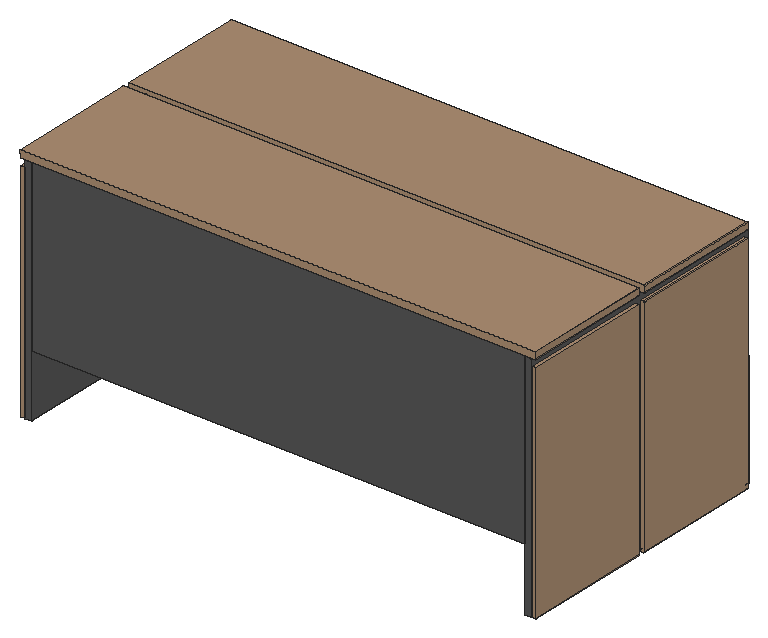
Revit family "Sanitary_Compound-Units_hansgrohe_54303XXX-Xilesa-E-Vanity-unit_1180-550_2-drawers_wash-bowl-countertop-basin", category Furniture, host Face, Revit 2022
Family settings
  Host = Face
  OmniClass Number = 23.21.19.15.33.13
  OmniClass Title = Residential Bathroom Specialty Casework
  Cut with Voids When Loaded = No
  Render Appearance Source = Family Geometry
  Shared = No
  Room Calculation Point = No
Parameters (values of type "550 Cashmere Oak")
  Version = 1  # constant formula
  URL = "https://www.hansgrohe.com/"
  Product data url = "https://www.bimobject.com/en/hansgrohe/product/54303XXX"
  Product Page URL = "https://www.hansgrohe.com/articledetail--54303550"
  Model = "54303XXX"  # constant formula
  Material 3 = Hansgrohe - Metal - Black
  Material 2 = Hansgrohe - MDF - Matt Black
  Material 1 = Hansgrohe - MDF - 550 Cashmere Oak
  Manufacturer = "Hansgrohe"  # constant formula
  Height = 0 mm
  Description = "Xilesa E Vanity unit 1180/550 with 2 drawers for consoles for wash bowl/countertop basin ground"  # constant formula
  Default Elevation = 0 mm
  Date Updated = ""
  Date Created = "2024/02/03"  # constant formula
Types (5, lengths in mm): name | Material 1
  (no name) | Hansgrohe - MDF - 550 Cashmere Oak
  550 Cashmere Oak | Hansgrohe - MDF - 550 Cashmere Oak
  700 Matt White | Hansgrohe - MDF - 700 Matt White
  760 Slate Matt Grey | Hansgrohe - MDF - 760 Slate Matt Grey
  780 Sand Matt Beige | Hansgrohe - MDF - 780 Sand Matt Beige
Reference planes
  plane 1 "Center (Front/Back)": y = 0
  plane 2: z = 0
  plane 3 "Center (Left/Right)": x = 0
  plane 4: x = -590
  plane 5: x = 590
  plane 6: y = -620
  plane 7: z = 548
Dimensions and locks
  aligned and locked: plane 2 to host face
  aligned and locked: level to host face
Nested families
  nested 1: "54303XXX" at (0, -620, 0) x (1, 0, 0) z (0, 1, 0), Material 1 <- "Material 1", Material 2 <- "Material 2", Material 3 <- "Material 3", type "54303XXX"
    with Material 3 Hansgrohe - Metal - Black, Material 2 Hansgrohe - MDF - Matt Black, Material 1 Hansgrohe - MDF - 550 Cashmere Oak
Definition of nested family "54303XXX"
  Parameters (values of type "54303XXX")
    Version = 1  # constant formula
    URL = "https://www.hansgrohe.com/"
    Product data url = "https://www.bimobject.com/en/hansgrohe/product/54303XXX"
    Product Page URL = "https://www.hansgrohe.com/articledetail--54303550"
    Model = "54303XXX"  # constant formula
    Material 3 [instance] = none
    Material 2 [instance] = none
    Material 1 [instance] = none
    Manufacturer = "Hansgrohe"  # constant formula
    Description = "Xilesa E Vanity unit 1180/550 with 2 drawers for consoles for wash bowl/countertop basin ground"  # constant formula
    Default Elevation = 1219.2 mm
    Date Updated = ""
    Date Created = "2024/12/16"  # constant formula
  Reference planes
    plane 1 "Center (Front/Back)": y = 0
    plane 2: z = 0
    plane 3 "Center (Left/Right)": x = 0
  Forms (mm)
    Extrusion 1, solid, material <- "Material 1", detail levels medium+fine
      sketch origin (0, 0, 0) x (1, 0, 0) y (0, 1, 0)
        loop
          line (-580.6, 0) -> (-589.2, 0)
          arc (-589.2, 0) -> (-589.766, -0.234) -> (-590, -0.8) r 0.8
          line (-590, -0.8) -> (-590, -513.9)
          arc (-590, -513.9) -> (-589.766, -514.466) -> (-589.2, -514.7) r 0.8
          line (-589.2, -514.7) -> (-580.6, -514.7)
          arc (-580.6, -514.7) -> (-580.034, -514.466) -> (-579.8, -513.9) r 0.8
          line (-579.8, -513.9) -> (-579.8, -0.8)
          arc (-579.8, -0.8) -> (-580.034, -0.234) -> (-580.6, 0) r 0.8
        loop
          arc (580.6, 0) -> (580.034, -0.234) -> (579.8, -0.8) r 0.8
          line (579.8, -0.8) -> (579.8, -513.9)
          arc (579.8, -513.9) -> (580.034, -514.466) -> (580.6, -514.7) r 0.8
          line (580.6, -514.7) -> (589.2, -514.7)
          arc (589.2, -514.7) -> (589.766, -514.466) -> (590, -513.9) r 0.8
          line (590, -513.9) -> (590, -0.8)
          arc (590, -0.8) -> (589.766, -0.234) -> (589.2, 0) r 0.8
          line (589.2, 0) -> (580.6, 0)
      from 0 to 295
    Extrusion 2, solid, material <- "Material 1", detail levels medium+fine
      sketch origin (0, -170, 0) x (1, 0, 0) y (0, 1, 0)
        loop
          line (-589.2, -378) -> (589.2, -378)
          arc (589.2, -378) -> (589.766, -377.766) -> (590, -377.2) r 0.8
          line (590, -377.2) -> (590, -362.5)
          arc (590, -362.5) -> (589.766, -361.934) -> (589.2, -361.7) r 0.8
          line (589.2, -361.7) -> (-589.2, -361.7)
          arc (-589.2, -361.7) -> (-589.766, -361.934) -> (-590, -362.5) r 0.8
          line (-590, -362.5) -> (-590, -377.2)
          arc (-590, -377.2) -> (-589.766, -377.766) -> (-589.2, -378) r 0.8
      from 0 to 295
    Extrusion 3, solid, material <- "Material 2", detail levels medium+fine
      sketch origin (0, 0, 0) x (1, 0, 0) y (0, 1, 0)
        loop
          line (-579.8, -0.8) -> (-579.8, -528.9)
          arc (-579.8, -528.9) -> (-579.566, -529.466) -> (-579, -529.7) r 0.8
          line (-579, -529.7) -> (-564.6, -529.7)
          arc (-564.6, -529.7) -> (-564.034, -529.466) -> (-563.8, -528.9) r 0.8
          line (-563.8, -528.9) -> (-563.8, -0.8)
          arc (-563.8, -0.8) -> (-564.034, -0.234) -> (-564.6, 0) r 0.8
          line (-564.6, 0) -> (-579, 0)
          arc (-579, 0) -> (-579.566, -0.234) -> (-579.8, -0.8) r 0.8
        loop
          arc (579.8, -0.8) -> (579.566, -0.234) -> (579, 0) r 0.8
          line (579, 0) -> (564.6, 0)
          arc (564.6, 0) -> (564.034, -0.234) -> (563.8, -0.8) r 0.8
          line (563.8, -0.8) -> (563.8, -528.9)
          arc (563.8, -528.9) -> (564.034, -529.466) -> (564.6, -529.7) r 0.8
          line (564.6, -529.7) -> (579, -529.7)
          arc (579, -529.7) -> (579.566, -529.466) -> (579.8, -528.9) r 0.8
          line (579.8, -528.9) -> (579.8, -0.8)
      from 0 to 620
    Extrusion 4, solid, material <- "Material 2", detail levels fine
      sketch origin (0, -80, 0) x (1, 0, 0) y (0, 1, 0)
        loop
          line (-563.8, -65.2) -> (-563.8, -81.2) -> (563.8, -81.2) -> (563.8, -65.2) -> (-563.8, -65.2)
      from 17 to 125
    Extrusion 5, solid, material <- "Material 2", detail levels fine
      sketch origin (0, -80, 0) x (1, 0, 0) y (0, 1, 0)
        loop
          line (-563.8, -64.7) -> (-563.8, -451.7) -> (563.8, -451.7) -> (563.8, -64.7) -> (-563.8, -64.7)
      from 1 to 17
    Extrusion 6, solid, material <- "Material 3", detail levels fine
      sketch origin (0, -170, 0) x (1, 0, 0) y (0, 1, 0)
        loop
          line (-562.3, -356.9) -> (-562.3, -329.2) -> (-563.8, -329.2) -> (-563.8, -356.9)
          arc (-563.8, -356.9) -> (-563.126, -358.527) -> (-561.5, -359.2) r 2.3
          line (-561.5, -359.2) -> (561.5, -359.2)
          arc (561.5, -359.2) -> (563.126, -358.527) -> (563.8, -356.9) r 2.3
          line (563.8, -356.9) -> (563.8, -329.2) -> (562.3, -329.2) -> (562.3, -356.9)
          arc (562.3, -356.9) -> (562.066, -357.466) -> (561.5, -357.7) r 0.8
          line (561.5, -357.7) -> (-561.5, -357.7)
          arc (-561.5, -357.7) -> (-562.066, -357.466) -> (-562.3, -356.9) r 0.8
      from 569.5 to 619.5
    Extrusion 7, solid, material <- "Material 3", detail levels fine
      sketch origin (350, -80, 1) x (1, 0, 0) y (0, 0, 1)
        loop
          line (198.3, 213.03) -> (198.3, 231.03) -> (183.3, 231.03) -> (183.3, 224.03) -> (192.95, 224.03) -> (192.95, 213.03) -> (198.3, 213.03)
      from 88.7 to 361.7
    Extrusion 8, solid, material <- "Material 3", detail levels fine
      sketch origin (350, -80, 1) x (1, 0, 0) y (0, 0, 1)
        loop
          line (200.05, 211.28) -> (200.05, 232.78) -> (181.55, 232.78) -> (181.55, 211.28) -> (200.05, 211.28)
      from 451.7 to 361.7
    Extrusion 9, solid, material <- "Material 3", detail levels fine
      sketch origin (0, -80, 1) x (1, 0, 0) y (0, 0, 1)
        loop
          line (-542.5, 223.8) -> (-542.5, 113.608) -> (-548.2, 97.947) -> (-548.2, 48) -> (-519.9, 48) -> (-519.9, 223.8) -> (-542.5, 223.8)
        loop
          line (542.5, 223.8) -> (519.9, 223.8) -> (519.9, 48) -> (548.2, 48) -> (548.2, 97.947) -> (542.5, 113.608) -> (542.5, 223.8)
      from 91.9 to 109.4
    Extrusion 10, void
      sketch origin (0, -80, 1) x (1, 0, 0) y (0, 0, 1)
        loop
          line (-541.5, 222.8) -> (-541.5, 113.431) -> (-547.2, 97.771) -> (-547.2, 49) -> (-520.9, 49) -> (-520.9, 222.8) -> (-541.5, 222.8)
        loop
          line (541.5, 222.8) -> (520.9, 222.8) -> (520.9, 49) -> (547.2, 49) -> (547.2, 97.771) -> (541.5, 113.431) -> (541.5, 222.8)
      from 91.9 to 108.7
    Extrusion 11, solid, material <- "Material 2", detail levels fine
      sketch origin (0, -80, 0) x (0, 1, 0) y (0, 0, 1)
        loop
          line (-92.7, 35.48) -> (-92.7, 114.5)
          arc (-92.7, 114.5) -> (-92.847, 114.854) -> (-93.2, 115) r 0.5
          line (-93.2, 115) -> (-108.2, 115)
          arc (-108.2, 115) -> (-108.554, 114.854) -> (-108.7, 114.5) r 0.5
          line (-108.7, 114.5) -> (-108.7, 35.48)
          arc (-108.7, 35.48) -> (-108.554, 35.126) -> (-108.2, 34.98) r 0.5
          line (-108.2, 34.98) -> (-93.2, 34.98)
          arc (-93.2, 34.98) -> (-92.847, 35.126) -> (-92.7, 35.48) r 0.5
      from -520 to 520
    Extrusion 12, solid, material <- "Material 3", detail levels fine
      sketch origin (-350, -80, 1) x (-1, 0, 0) y (0, 0, -1)
        loop
          line (198.3, -213.03) -> (192.95, -213.03) -> (192.95, -224.03) -> (183.3, -224.03) -> (183.3, -231.03) -> (198.3, -231.03) -> (198.3, -213.03)
      from 88.7 to 361.7
    Extrusion 13, solid, material <- "Material 3", detail levels fine
      sketch origin (-350, -80, 1) x (-1, 0, 0) y (0, 0, -1)
        loop
          line (200.05, -211.28) -> (181.55, -211.28) -> (181.55, -232.78) -> (200.05, -232.78) -> (200.05, -211.28)
      from 451.7 to 361.7
    Extrusion 14, solid, material <- "Material 1", detail levels coarse
      sketch origin (0, 0, 0) x (1, 0, 0) y (0, 1, 0)
        loop
          line (-590, -548) -> (590, -548) -> (590, 0) -> (563.8, 0) -> (563.8, -531.7) -> (-563.8, -531.7) -> (-563.8, 0) -> (-590, 0) -> (-590, -548)
      from 0 to 620
    Extrusion 15, solid, material <- "Material 1", detail levels medium+fine
      sketch origin (0, 0, 0) x (1, 0, 0) y (0, 1, 0)
        loop
          line (-580.6, 0) -> (-589.2, 0)
          arc (-589.2, 0) -> (-589.766, -0.234) -> (-590, -0.8) r 0.8
          line (-590, -0.8) -> (-590, -513.9)
          arc (-590, -513.9) -> (-589.766, -514.466) -> (-589.2, -514.7) r 0.8
          line (-589.2, -514.7) -> (-580.6, -514.7)
          arc (-580.6, -514.7) -> (-580.034, -514.466) -> (-579.8, -513.9) r 0.8
          line (-579.8, -513.9) -> (-579.8, -0.8)
          arc (-579.8, -0.8) -> (-580.034, -0.234) -> (-580.6, 0) r 0.8
        loop
          arc (580.6, 0) -> (580.034, -0.234) -> (579.8, -0.8) r 0.8
          line (579.8, -0.8) -> (579.8, -513.9)
          arc (579.8, -513.9) -> (580.034, -514.466) -> (580.6, -514.7) r 0.8
          line (580.6, -514.7) -> (589.2, -514.7)
          arc (589.2, -514.7) -> (589.766, -514.466) -> (590, -513.9) r 0.8
          line (590, -513.9) -> (590, -0.8)
          arc (590, -0.8) -> (589.766, -0.234) -> (589.2, 0) r 0.8
          line (589.2, 0) -> (580.6, 0)
      from 310 to 605
    Extrusion 16, solid, material <- "Material 1", detail levels medium+fine
      sketch origin (0, -170, 0) x (1, 0, 0) y (0, 1, 0)
        loop
          line (-589.2, -378) -> (589.2, -378)
          arc (589.2, -378) -> (589.766, -377.766) -> (590, -377.2) r 0.8
          line (590, -377.2) -> (590, -362.5)
          arc (590, -362.5) -> (589.766, -361.934) -> (589.2, -361.7) r 0.8
          line (589.2, -361.7) -> (-589.2, -361.7)
          arc (-589.2, -361.7) -> (-589.766, -361.934) -> (-590, -362.5) r 0.8
          line (-590, -362.5) -> (-590, -377.2)
          arc (-590, -377.2) -> (-589.766, -377.766) -> (-589.2, -378) r 0.8
      from 310 to 605
    Extrusion 17, solid, material <- "Material 2", detail levels fine
      sketch origin (0, -80, 311) x (1, 0, 0) y (0, 0, 1)
        loop
          line (-522.898, 33.98) -> (522.898, 33.98) -> (522.898, 48.98) -> (-522.898, 48.98) -> (-522.898, 33.98)
      from 109.4 to 451.7
    Extrusion 18, solid, material <- "Material 3", detail levels fine
      sketch origin (350, -80, 311) x (1, 0, 0) y (0, 0, 1)
        loop
          line (198.3, 213.03) -> (198.3, 231.03) -> (183.3, 231.03) -> (183.3, 224.03) -> (192.95, 224.03) -> (192.95, 213.03) -> (198.3, 213.03)
      from 88.7 to 361.7
    Extrusion 19, solid, material <- "Material 3", detail levels fine
      sketch origin (350, -80, 311) x (1, 0, 0) y (0, 0, 1)
        loop
          line (200.05, 211.28) -> (200.05, 232.78) -> (181.55, 232.78) -> (181.55, 211.28) -> (200.05, 211.28)
      from 451.7 to 361.7
    Extrusion 20, solid, material <- "Material 3", detail levels fine
      sketch origin (0, -80, 311) x (1, 0, 0) y (0, 0, 1)
        loop
          line (-542.5, 223.8) -> (-542.5, 113.608) -> (-548.2, 97.947) -> (-548.2, 48) -> (-519.9, 48) -> (-519.9, 223.8) -> (-542.5, 223.8)
        loop
          line (542.5, 223.8) -> (519.9, 223.8) -> (519.9, 48) -> (548.2, 48) -> (548.2, 97.947) -> (542.5, 113.608) -> (542.5, 223.8)
      from 91.9 to 109.4
    Extrusion 21, void
      sketch origin (0, -80, 311) x (1, 0, 0) y (0, 0, 1)
        loop
          line (-541.5, 222.8) -> (-541.5, 113.431) -> (-547.2, 97.771) -> (-547.2, 49) -> (-520.9, 49) -> (-520.9, 222.8) -> (-541.5, 222.8)
        loop
          line (541.5, 222.8) -> (520.9, 222.8) -> (520.9, 49) -> (547.2, 49) -> (547.2, 97.771) -> (541.5, 113.431) -> (541.5, 222.8)
      from 91.9 to 108.7
    Extrusion 22, solid, material <- "Material 3", detail levels fine
      sketch origin (-350, -80, 311) x (-1, 0, 0) y (0, 0, -1)
        loop
          line (198.3, -213.03) -> (192.95, -213.03) -> (192.95, -224.03) -> (183.3, -224.03) -> (183.3, -231.03) -> (198.3, -231.03) -> (198.3, -213.03)
      from 88.7 to 361.7
    Extrusion 23, solid, material <- "Material 3", detail levels fine
      sketch origin (-350, -80, 311) x (-1, 0, 0) y (0, 0, -1)
        loop
          line (200.05, -211.28) -> (181.55, -211.28) -> (181.55, -232.78) -> (200.05, -232.78) -> (200.05, -211.28)
      from 451.7 to 361.7
    Extrusion 24, solid, material <- "Material 3", detail levels fine
      sketch origin (0, -170, 0) x (1, 0, 0) y (0, 1, 0)
        loop
          line (-562.3, -356.9) -> (-562.3, -329.2) -> (-563.8, -329.2) -> (-563.8, -356.9)
          arc (-563.8, -356.9) -> (-563.126, -358.527) -> (-561.5, -359.2) r 2.3
          line (-561.5, -359.2) -> (561.5, -359.2)
          arc (561.5, -359.2) -> (563.126, -358.527) -> (563.8, -356.9) r 2.3
          line (563.8, -356.9) -> (563.8, -329.2) -> (562.3, -329.2) -> (562.3, -356.9)
          arc (562.3, -356.9) -> (562.066, -357.466) -> (561.5, -357.7) r 0.8
          line (561.5, -357.7) -> (-561.5, -357.7)
          arc (-561.5, -357.7) -> (-562.066, -357.466) -> (-562.3, -356.9) r 0.8
      from 277 to 327
    Extrusion 25, solid, material <- "Material 2", detail levels fine
      sketch origin (0, -80, 1) x (1, 0, 0) y (0, 0, 1)
        loop
          line (-522.898, 33.98) -> (522.898, 33.98) -> (522.898, 48.98) -> (-522.898, 48.98) -> (-522.898, 33.98)
      from 109.4 to 451.7
    Extrusion 26, solid, material <- "Material 2", detail levels fine
      sketch origin (0, -80, 310) x (0, 1, 0) y (0, 0, 1)
        loop
          line (-92.7, 35.48) -> (-92.7, 114.5)
          arc (-92.7, 114.5) -> (-92.847, 114.854) -> (-93.2, 115) r 0.5
          line (-93.2, 115) -> (-108.2, 115)
          arc (-108.2, 115) -> (-108.554, 114.854) -> (-108.7, 114.5) r 0.5
          line (-108.7, 114.5) -> (-108.7, 35.48)
          arc (-108.7, 35.48) -> (-108.554, 35.127) -> (-108.2, 34.98) r 0.5
          line (-108.2, 34.98) -> (-93.2, 34.98)
          arc (-93.2, 34.98) -> (-92.847, 35.127) -> (-92.7, 35.48) r 0.5
      from -520 to 520
    Extrusion 27, solid, material <- "Material 3", detail levels fine
      sketch origin (0, -80, 311) x (1, 0, 0) y (0, 0, 1)
        loop
          line (552.091, 33.98) -> (552.091, 115.48) -> (533.591, 115.48) -> (532.786, 100.114) -> (530.22, 99.98) -> (527.791, 53.623)
          arc (527.791, 53.623) -> (526.271, 50.325) -> (522.898, 48.98) r 4.9
          line (522.898, 48.98) -> (522.898, 33.98) -> (552.091, 33.98)
        loop
          line (-552.091, 33.98) -> (-522.898, 33.98) -> (-522.898, 48.98)
          arc (-522.898, 48.98) -> (-526.271, 50.325) -> (-527.791, 53.623) r 4.9
          line (-527.791, 53.623) -> (-530.22, 99.98) -> (-532.786, 100.114) -> (-533.591, 115.48) -> (-552.091, 115.48) -> (-552.091, 33.98)
      from 109.4 to 451.7
    Extrusion 28, solid, material <- "Material 3", detail levels fine
      sketch origin (0, -80, 1) x (1, 0, 0) y (0, 0, 1)
        loop
          line (552.091, 33.98) -> (552.091, 115.48) -> (533.591, 115.48) -> (532.786, 100.114) -> (530.22, 99.98) -> (527.791, 53.623)
          arc (527.791, 53.623) -> (526.271, 50.325) -> (522.898, 48.98) r 4.9
          line (522.898, 48.98) -> (522.898, 33.98) -> (552.091, 33.98)
        loop
          line (-552.091, 33.98) -> (-522.898, 33.98) -> (-522.898, 48.98)
          arc (-522.898, 48.98) -> (-526.271, 50.325) -> (-527.791, 53.623) r 4.9
          line (-527.791, 53.623) -> (-530.22, 99.98) -> (-532.786, 100.114) -> (-533.591, 115.48) -> (-552.091, 115.48) -> (-552.091, 33.98)
      from 109.4 to 451.7
  Cuts and joins
    Extrusion 10 cuts Extrusion 9
    Extrusion 21 cuts Extrusion 20
  Lines and regions (mm)
    Masking region 1
      outline origin (0, 0, 0) x (1, 0, 0) y (0, 1, 0)
        loop
          line (-590, -0.8) -> (-590, -513.9)
          arc (-590, -513.9) -> (-589.766, -514.466) -> (-589.2, -514.7) r 0.8
          line (-589.2, -514.7) -> (-580.6, -514.7)
          arc (-580.6, -514.7) -> (-580.034, -514.466) -> (-579.8, -513.9) r 0.8
          line (-579.8, -513.9) -> (-579.8, -531.7) -> (-589.2, -531.7)
          arc (-589.2, -531.7) -> (-589.766, -531.934) -> (-590, -532.5) r 0.8
          line (-590, -532.5) -> (-590, -547.2)
          arc (-590, -547.2) -> (-589.766, -547.766) -> (-589.2, -548) r 0.8
          line (-589.2, -548) -> (0, -548) -> (589.2, -548)
          arc (589.2, -548) -> (589.766, -547.766) -> (590, -547.2) r 0.8
          line (590, -547.2) -> (590, -532.5)
          arc (590, -532.5) -> (589.766, -531.934) -> (589.2, -531.7) r 0.8
          line (589.2, -531.7) -> (579.8, -531.7) -> (579.8, -513.9)
          arc (579.8, -513.9) -> (580.034, -514.466) -> (580.6, -514.7) r 0.8
          line (580.6, -514.7) -> (589.2, -514.7)
          arc (589.2, -514.7) -> (589.766, -514.466) -> (590, -513.9) r 0.8
          line (590, -513.9) -> (590, -0.8)
          arc (590, -0.8) -> (589.766, -0.234) -> (589.2, 0) r 0.8
          line (589.2, 0) -> (580.6, 0)
          arc (580.6, 0) -> (580.034, -0.234) -> (579.8, -0.8) r 0.8
          arc (579.8, -0.8) -> (579.566, -0.234) -> (579, 0) r 0.8
          line (579, 0) -> (564.6, 0)
          arc (564.6, 0) -> (564.034, -0.234) -> (563.8, -0.8) r 0.8
          line (563.8, -0.8) -> (563.8, -144.7) -> (0, -144.7) -> (-563.8, -144.7) -> (-563.8, -0.8)
          arc (-563.8, -0.8) -> (-564.034, -0.234) -> (-564.6, 0) r 0.8
          line (-564.6, 0) -> (-579, 0)
          arc (-579, 0) -> (-579.566, -0.234) -> (-579.8, -0.8) r 0.8
          arc (-579.8, -0.8) -> (-580.034, -0.234) -> (-580.6, 0) r 0.8
          line (-580.6, 0) -> (-589.2, 0)
          arc (-589.2, 0) -> (-589.766, -0.234) -> (-590, -0.8) r 0.8
    Masking region 2
      outline origin (0, 0, 0) x (0, 1, 0) y (0, 0, 1)
        loop
          line (-529.7, 620) -> (-529.7, 543.78) -> (-531.7, 543.78) -> (-531.7, 605) -> (-548, 605) -> (-548, 310) -> (-531.7, 310) -> (-531.7, 344.98) -> (-529.7, 344.98) -> (-529.7, 233.78) -> (-531.7, 233.78) -> (-531.7, 295) -> (-548, 295) -> (-548, 0) -> (-531.7, 0) -> (-531.7, 34.98) -> (-529.7, 34.98) -> (-529.7, 0) -> (0, 0) -> (0, 620) -> (-529.7, 620)
    Masking region 3
      outline origin (0, 0, 0) x (1, 0, 0) y (0, 0, 1)
        loop
          line (-590, 605) -> (-590, 310) -> (-579.8, 310) -> (-579.8, 295) -> (-590, 295) -> (-590, 0) -> (0, 0) -> (590, 0) -> (590, 295) -> (579.8, 295) -> (579.8, 310) -> (590, 310) -> (590, 605) -> (579.8, 605) -> (579.8, 620) -> (0, 620) -> (-579.8, 620) -> (-579.8, 605) -> (-590, 605)
    symbolic lines, detail levels medium+fine
      curve 1: line (-579.8, -531.7, 0) -> (0, -531.7, 0)
      curve 2: line (-563.8, -144.7, 0) -> (-563.8, -531.7, 0)
      curve 3: line (-579.8, -0.8, 0) -> (-579.8, -513.9, 0)
      curve 4: line (-563.8, -161.2, 0) -> (0, -161.2, 0)
      curve 25: line (579.8, -531.7, 0) -> (0, -531.7, 0)
      curve 26: line (563.8, -144.7, 0) -> (563.8, -531.7, 0)
      curve 27: line (579.8, -0.8, 0) -> (579.8, -513.9, 0)
      curve 28: line (563.8, -161.2, 0) -> (0, -161.2, 0)
      curve 49: line (0, -531.7, 33.98) -> (0, -531.7, 233.78)
      curve 50: line (0, -529.7, 543.78) -> (0, -529.7, 344.98)
      curve 53: line (0, -531.7, 212.28) -> (0, -529.7, 212.28)
      curve 54: line (0, -531.7, 116.48) -> (0, -529.7, 116.48)
      curve 55: line (-579.8, 0, 605) -> (579.8, 0, 605)
      curve 56: line (-563.8, 0, 620) -> (-563.8, 0, 605)
      curve 57: line (563.8, 0, 620) -> (563.8, 0, 605)
      curve 62: line (0, -531.7, 344.98) -> (0, -531.7, 543.78)
      curve 63: line (0, -529.7, 233.78) -> (0, -529.7, 33.98)
      curve 65: line (-579.8, 0, 310) -> (579.8, 0, 310)
      curve 66: line (579.8, 0, 295) -> (-579.8, 0, 295)
    symbolic lines, detail levels fine
      curve 5: line (-552.091, -161.2, 0) -> (-552.091, -527.7, 0)
      curve 6: line (-530.22, -161.2, 0) -> (-530.22, -171.9, 0)
      curve 7: line (0, -171.9, 0) -> (-533.3, -171.9, 0)
      curve 8: line (-533.3, -189.4, 0) -> (0, -189.4, 0)
      curve 9: line (-548.3, -168.7, 0) -> (-548.3, -441.7, 0)
      curve 10: line (-533.3, -168.7, 0) -> (-548.3, -168.7, 0)
      curve 11: line (-550.05, -441.7, 0) -> (-550.05, -527.7, 0)
      curve 12: line (-550.05, -441.7, 0) -> (-531.55, -441.7, 0)
      curve 13: line (-531.55, -441.7, 0) -> (-531.55, -527.7, 0)
      curve 14: line (0, -527.7, 0) -> (-561.5, -527.7, 0)
      curve 15: arc (-561.5, -527.7, 0) -> (-562.066, -527.466, 0) -> (-562.3, -526.9, 0) r 0.8
      curve 16: line (-562.3, -526.9, 0) -> (-562.3, -499.2, 0)
      curve 17: line (-562.3, -499.2, 0) -> (-563.8, -499.2, 0)
      curve 18: arc (-563.8, -526.9, 0) -> (-563.126, -528.527, 0) -> (-561.5, -529.2, 0) r 2.3
      curve 19: line (-561.5, -529.2, 0) -> (0, -529.2, 0)
      curve 20: line (-552.091, -529.2, 0) -> (-552.091, -531.7, 0)
      curve 21: line (-550.05, -529.2, 0) -> (-550.05, -531.7, 0)
      curve 22: line (-533.3, -441.7, 0) -> (-533.3, -168.7, 0)
      curve 23: line (-531.55, -529.2, 0) -> (-531.55, -531.7, 0)
      curve 24: line (-530.22, -529.2, 0) -> (-530.22, -531.7, 0)
      curve 29: line (552.091, -161.2, 0) -> (552.091, -527.7, 0)
      curve 30: line (530.22, -161.2, 0) -> (530.22, -171.9, 0)
      curve 31: line (0, -171.9, 0) -> (533.3, -171.9, 0)
      curve 32: line (533.3, -189.4, 0) -> (0, -189.4, 0)
      curve 33: line (548.3, -168.7, 0) -> (548.3, -441.7, 0)
      curve 34: line (533.3, -168.7, 0) -> (548.3, -168.7, 0)
      curve 35: line (550.05, -441.7, 0) -> (550.05, -527.7, 0)
      curve 36: line (550.05, -441.7, 0) -> (531.55, -441.7, 0)
      curve 37: line (531.55, -441.7, 0) -> (531.55, -527.7, 0)
      curve 38: line (0, -527.7, 0) -> (561.5, -527.7, 0)
      curve 39: arc (561.5, -527.7, 0) -> (562.066, -527.466, 0) -> (562.3, -526.9, 0) r 0.8
      curve 40: line (562.3, -526.9, 0) -> (562.3, -499.2, 0)
      curve 41: line (562.3, -499.2, 0) -> (563.8, -499.2, 0)
      curve 42: arc (563.8, -526.9, 0) -> (563.126, -528.527, 0) -> (561.5, -529.2, 0) r 2.3
      curve 43: line (561.5, -529.2, 0) -> (0, -529.2, 0)
      curve 44: line (552.091, -529.2, 0) -> (552.091, -531.7, 0)
      curve 45: line (550.05, -529.2, 0) -> (550.05, -531.7, 0)
      curve 46: line (533.3, -441.7, 0) -> (533.3, -168.7, 0)
      curve 47: line (531.55, -529.2, 0) -> (531.55, -531.7, 0)
      curve 48: line (530.22, -529.2, 0) -> (530.22, -531.7, 0)
      curve 51: line (0, 0, 605) -> (0, -514.7, 605)
      curve 52: line (0, -514.7, 605) -> (0, -514.7, 310)
      curve 58: line (0, -514.7, 310) -> (0, 0, 310)
      curve 59: line (0, 0, 295) -> (0, -514.7, 295)
      curve 60: line (0, -514.7, 295) -> (0, -514.7, 0)
      curve 61: line (0, -531.7, 522.28) -> (0, -529.7, 522.28)
      curve 64: line (0, -529.7, 426.5) -> (0, -531.7, 426.5)
      curve 67: line (530.22, -189.4, 0) -> (530.22, -527.7, 0)
      curve 68: line (-530.22, -189.4, 0) -> (-530.22, -527.7, 0)
  Dimensions and locks
    aligned and locked: level to plane 2
    aligned and locked: Extrusion 18 to Extrusion 19
